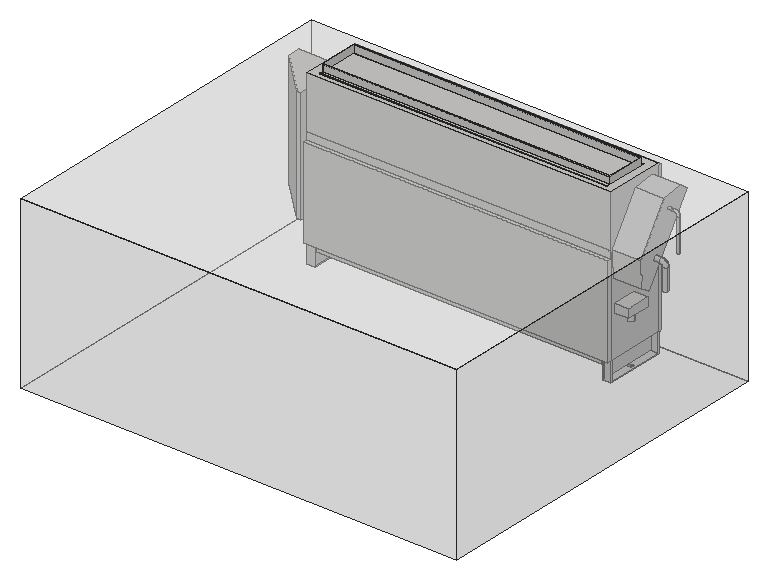
Revit family "outputfile", category 機械設備, Revit 2024
Family settings
  丸型コネクタ寸法 = 半径を使用
  パーツ タイプ = 標準
  OmniClass 番号 = 23.75.10.24.21.27.27
  OmniClass タイトル = Split System Air Conditioning Units
  作業面ベース = いいえ
  常に垂直 = はい
  ロード時にボイドで切り取り = いいえ
  注釈の向きを維持 = いいえ
  共有 = いいえ
  部屋計算ポイント = いいえ
Parameters (values of type "FXNQ63MAVE8")
  Description = ""
  製造元 = "Daikin"
  書き出し IFC クラス(タイプ) = "IfcUnitaryEquipmentType"
  定義済み IFC タイプ(タイプ) = "AIRCONDITIONINGUNIT"
  Cost = 0
  モデル = "FXNQ63MAVE8"
  Type Comments = ""
  Keynote = ""
  Type Image = (empty or 0)
  Assembly Code = ""
  w_hangerfixture = 0.0 mm
  w_dischargeflange = 984.0 mm
  w_body = 1040.0 mm
  r_Liquid Pipe Size = Liquid Pipe Size / 2  # 4.75 mm
  r_Gas Pipe Size = Gas Pipe Size / 2  # 7.95 mm
  w_mounting foot = 1230.0 mm
  r_Drain Pipe Size = Drain Pipe Size / 2  # 10.5 mm
  h_mountinghole = [h***] + 1.6 mm  # 1.6 mm
  lh_liquidpipe = 391.0 mm  # constant formula
  lh_gaspipe = 301.0 mm  # constant formula
  lh_drainpipe = 181.0 mm  # constant formula
  lh_antena = 583.4 mm  # constant formula
  ld_liquidpipe = 84.0 mm  # constant formula
  ld_gaspipe = 139.0 mm  # constant formula
  ld_drainpipe = 152.0 mm  # constant formula
  h*** = 0.0 mm  # constant formula
  w_front suction = 1001.0 mm
  d_pipe_2 = 27.3 mm  # constant formula
  d_pipe_1 = 47.6 mm  # constant formula
  d_pipe = 71.2 mm  # constant formula
  d_body = 206.0 mm  # constant formula
  Width = 1350.4 mm
  Voltage_comment_50Hz = "220-240"
  Voltage_50Hz = 220 V
  Version = "ver.1.0"
  Unit Type = "Concealed Floor Standing Type"
  Unit Mass Weight = 27.00 kg
  Unit Designation [instance] = ""
  Uniclass2015Version = "Products v1.30"
  Uniclass2015Title = "Variable refrigerant flow units"
  Uniclass2015Code = "Pr_70_65_03_94"
  URL = ""
  Total Heating Capacity [instance] = 0.000 kW
  Total Cooling Capacity [instance] = 0.000 kW
  Sound Pressure Level_M speed (dBA) = 0
  Sound Pressure Level_L speed (dBA) = 36
  Sound Pressure Level_H speed (dBA) = 41
  Sound Power Level_H speed (dB) = 0
  Series = "VRV Fan Coil Unit"
  Sensible Cooling Capacity [instance] = 0.000 kW
  SA Duct Size Width = w_dischargeflange - 2.0 mm  # 982.0 mm
  SA Duct Size Height = 130.0 mm  # constant formula
  Refrigerant Type = "R410A"
  Power Input (Heating) = 0.110 kW
  Power Input (Cooling) = 0.110 kW
  Phase_50Hz = 1
  Option Accessory 3 [instance] = ""
  Option Accessory 2 [instance] = ""
  Option Accessory 1 [instance] = ""
  Nominal Heating Capacity = 8.000 kW
  Nominal Cooling Capacity = 7.100 kW
  Minimum External Static Pressure = 0.00 Pa
  Minimum Circuit Amps_50Hz = 0.6 A
  Minimum Airflow = 720.00 m³/h
  Median Airflow = 0.00 m³/h
  Maximum Fuse Amps_50Hz = 15.0 A
  Maximum External Static Pressure = 0.00 Pa
  Maximum Airflow = 960.00 m³/h
  Material_Casing = DAIKIN_GalvanizedSteel_Casing_indoorunit
  Load Classification = HVAC
  Liquid Pipe Size = 9.5 mm
  Link_Nested Family [instance] = ""
  IfcVersion = "0"
  IfcExportType = "AIRCONDITIONINGUNIT"
  IfcExportAs = "IfcUnitaryEquipmentType"
  Height = 609.0 mm
  Heating Entering Wet Bulb Temperature [instance] = 0.00 °C
  Heating Entering Dry Bulb Temperature [instance] = 0.00 °C
  Heating Ambient Wet Bulb Temperature [instance] = 0.00 °C
  Heating Ambient Dry Bulb Temperature [instance] = 0.00 °C
  Heat Exchanger Type = "Cross Fin Coil"
  Gas Pipe Size = 15.9 mm
  Frequency_50Hz = 50 Hz
  Fan Type = "Sirocco Fan"
  Fan Drive = "Direct Drive"
  FCU Tag No. [instance] = ""
  Drain Pipe Size = 21.0 mm
  Design Supply Airflow [instance] = 0.00 m³/h
  Design External Static Pressure [instance] = 0.00 Pa
  Depth = 225.0 mm
  既定の高さ = 0.0 mm
  Cooling Entering Wet Bulb Temperature [instance] = 0.00 °C
  Cooling Entering Dry Bulb Temperature [instance] = 0.00 °C
  Cooling Ambient Wet Bulb Temperature [instance] = 0.00 °C
  Cooling Ambient Dry Bulb Temperature [instance] = 0.00 °C
  Clearance visibility [instance] = yes
  Clearance Top = 0.0 mm
  Clearance Right = 150.0 mm
  Clearance Rear = 20.0 mm
  Clearance Left = 0.0 mm
  Clearance Front = 1000.0 mm
  Clearance Bottom = 0.0 mm
Reference planes
  plane 1: y = 0
  plane 2: z = 0
  plane 3 "Center (Left/Right)": x = 0
  plane 4 "Center (Front/Back)": y = -103
  plane 5: y = -206
  plane 6: x = -520
  plane 7: x = 520
  plane 8: z = 584
  plane 9: z = 68
  plane 10 "Top": z = 609
  plane 11: z = 584
  plane 12: z = 0
  plane 13: x = -690
  plane 14: x = 804
  plane 15: y = -1218
  plane 16: y = 27
  plane 17 "Bottom": z = 0
  plane 18: x = -487
  plane 19: x = 489
  plane 20: x = -539
  plane 21 "Left": x = -690
  plane 22: z = 129
  plane 23: z = 518
  plane 24: z = 564.5
  plane 25: y = -32
  plane 26: x = 618.8
  plane 27 "ld_drainpipe": y = -152
  plane 28: z = 181
  plane 29: z = 301
  plane 30: z = 391
  plane 31: x = 547
  plane 32: x = 505
  plane 33: x = -505
  plane 34 "ld_liquidpipe": y = -84
  plane 35 "ld_gaspipe": y = -139
  plane 36: x = 654
  plane 37: z = 518.4
  plane 38: z = 388.6
  plane 39: x = 506.7
  plane 40: x = -506.7
  plane 41: x = -614.5
  plane 42: y = -42
  plane 43: y = -25.8
  plane 44 "Back": y = 7
  plane 45: y = -207
  plane 46 "Front": y = -218
  plane 47 "Right": x = 660.4
Forms (mm)
  Extrusion 1, solid, material "DAIKIN_GalvanizedSteel_Casing_indoorunit" <- "Material_Casing"
    sketch origin (0, 0, 0) x (1, 0, 0) y (0, 1, 0)
      loop
        line (-520, 0) -> (-520, -206) -> (520, -206) -> (520, 0) -> (-520, 0)
    from 68 to 584
  Extrusion 2, solid, material "DAIKIN_GalvanizedSteel_Casing_indoorunit" <- "Material_Casing"
    sketch origin (520, -206, 0) x (-1, 0, 0) y (0, 0, -1)
      loop
        line (1040, -404) -> (1040, -380) -> (0, -380) -> (0, -404) -> (1040, -404)
    from 0 to 1
  Extrusion 3, solid, material "DAIKIN_GalvanizedSteel_Casing_indoorunit" <- "Material_Casing"
    sketch origin (520, -206, 0) x (-1, 0, 0) y (0, 0, -1)
      loop
        line (1040, -380) -> (1040, -68) -> (0, -68) -> (0, -380) -> (1040, -380)
    from 0 to 12
  Extrusion 4, solid, material "DAIKIN_GalvanizedSteel_Casing_indoorunit" <- "Material_Casing"
    sketch origin (0, 0, 68) x (0, 1, 0) y (1, 0, 0)
      loop
        line (0, -487) -> (0, 489) -> (-206, 489) -> (-206, -487) -> (0, -487)
    from 0 to 19.6
  Extrusion 5, solid, material "DAIKIN_GalvanizedSteel_Casing_indoorunit" <- "Material_Casing"
    sketch origin (-520, -206, 0) x (0, 1, 0) y (0, 0, -1)
      loop
        circle (103, -448.5) r 12.5
      loop
        circle (103, -243.5) r 12.5
    from 0 to 19
  Extrusion 6, solid, material "DAIKIN_GalvanizedSteel_Casing_indoorunit" <- "Material_Casing"
    sketch origin (0, 0, 68) x (-1, 0, 0) y (0, -1, 0)
      loop
        line (690, 25.8) -> (690, 71.25) -> (555.25, 206) -> (539, 206) -> (539, 25.8) -> (690, 25.8)
    from 61 to 450
  Extrusion 7, solid, material "DAIKIN_GalvanizedSteel_Casing_indoorunit" <- "Material_Casing"
    sketch origin (520, 0, 0) x (0, -1, 0) y (0, 0, -1)
      loop
        line (5.208, -545.14) -> (32, -564.5) -> (104, -554.5) -> (202.913, -407.529) -> (197.289, -319.3) -> (168.604, -299.952) -> (5.208, -545.14)
    from 0 to 98.8
  Extrusion 8, solid, material "DAIKIN_GalvanizedSteel_Casing_indoorunit" <- "Material_Casing"
    sketch origin (520, 0, 0) x (0, -1, 0) y (0, 0, -1)
      loop
        line (192.5, -240) -> (192.5, -210) -> (111.5, -210) -> (111.5, -240) -> (192.5, -240)
    from 0 to 50
  Extrusion 9, solid, material "DAIKIN_GalvanizedSteel_Casing_indoorunit" <- "Material_Casing"
    sketch origin (520, -111.5, 210) x (-1, 0, 0) y (0, 1, 0)
      loop
        circle (-27, -40.5) r 10.5
    from 0 to 29
  Sweep 10, solid, material "DAIKIN_GalvanizedSteel_Casing_indoorunit" <- "Material_Casing"
    path origin (0, -84, 0) x (0, 0, 1) y (1, 0, 0)
      loop
        line (518.4, 618.8) -> (518.4, 641)
        arc (518.4, 641) -> (514.592, 650.192) -> (505.4, 654) r 13
        line (505.4, 654) -> (391, 654)
    profile origin (629.9, -84, 518.4) x (0, 0, -1) y (0, 1, 0)
      loop
        circle (0, 0) r 3.2
  Sweep 11, solid, material "DAIKIN_GalvanizedSteel_Casing_indoorunit" <- "Material_Casing"
    path origin (0, -139, 0) x (0, 0, 1) y (1, 0, 0)
      loop
        line (388.6, 618.8) -> (388.6, 641)
        arc (388.6, 641) -> (384.792, 650.192) -> (375.6, 654) r 13
        line (375.6, 654) -> (301, 654)
    profile origin (629.9, -139, 388.6) x (0, 0, -1) y (0, 1, 0)
      loop
        circle (0, 0) r 7.95
  Extrusion 12, void
    sketch origin (4267.2, 7, -304.8) x (0, 0, 1) y (1, 0, 0)
      loop
        line (552.8, -4778.2) -> (552.8, -4766.2) -> (522.8, -4766.2) -> (522.8, -4778.2) -> (552.8, -4778.2)
      loop
        line (552.8, -3768.2) -> (552.8, -3756.2) -> (522.8, -3756.2) -> (522.8, -3768.2) -> (552.8, -3768.2)
    from 0 to -5
  Extrusion 13, void
    sketch origin (4267.2, 7, -304.8) x (0, 0, 1) y (1, 0, 0)
      loop
        line (744.8, -4778.2) -> (744.8, -4766.2) -> (714.8, -4766.2) -> (714.8, -4778.2) -> (744.8, -4778.2)
      loop
        line (744.8, -3768.2) -> (744.8, -3756.2) -> (714.8, -3756.2) -> (714.8, -3768.2) -> (744.8, -3768.2)
    from 0 to -5
  Extrusion 14, solid, material "DAIKIN_GalvanizedSteel_Casing_indoorunit" <- "Material_Casing"
    sketch origin (0, 0, 0) x (0, 1, 0) y (0, 0, 1)
      loop
        line (0, 584) -> (0, 62.5) -> (7, 70.007) -> (7, 576.493) -> (0, 584)
    from -520 to 520
Cuts and joins
  Extrusion 12, Extrusion 13 cuts Extrusion 1
  Extrusion 12 cuts Extrusion 3
  Extrusion 12, Extrusion 13 cuts Extrusion 14
Dimensions and locks
  "d_body": plane 1 to plane 5
  equal spacing: plane 5, plane 4 "Center (Front/Back)", plane 1
  "w_body": plane 6 to plane 7
  equal spacing: plane 6, plane 3 "Center (Left/Right)", plane 7
  "Clearance Top": plane 11 to plane 8
  locked: plane 10 "Top" to plane 8 at 25
  "h***": plane 17 "Bottom" to plane 2
  "Height": plane 10 "Top" to plane 17 "Bottom"
  locked: plane 8 to plane 9 at 516
  "Clearance Bottom": plane 17 "Bottom" to plane 12
  locked: Extrusion 2 sketch curve to Extrusion 2 sketch curve at 24
  locked: Extrusion 2 sketch curve to plane 9 at 312
  locked: plane 6 to plane 18 at 33
  locked: plane 19 to plane 7 at 31
  plane 18 to plane 19 = 976.0 mm
  locked: Extrusion 5 sketch curve to plane 9 at 175.5
  locked: Extrusion 5 sketch curve to Extrusion 5 sketch curve at 205
  locked: plane 6 to plane 20 at 19
  plane 23 to plane 22 to plane 17 "Bottom" = 389.0 mm locked, 129.0 mm locked
  locked: plane 21 "Left" to plane 6 at 170
  locked: plane 10 "Top" to plane 24 at 44.5
  locked: plane 5 to plane 25 at 174
  locked: plane 7 to plane 26 at 98.8
  locked: Extrusion 8 sketch curve to Extrusion 8 sketch curve at 30
  locked: Extrusion 8 sketch curve to Extrusion 8 sketch curve at 81
  locked: Extrusion 8 sketch curve to plane 17 "Bottom" at 240
  locked: plane 27 "ld_drainpipe" to Extrusion 8 sketch curve at 40.5
  "lh_drainpipe": plane 28 to plane 17 "Bottom"
  "lh_gaspipe": plane 29 to plane 17 "Bottom"
  "lh_liquidpipe": plane 30 to plane 17 "Bottom"
  locked: plane 33 to plane 6 at 15
  locked: plane 7 to plane 32 at 15
  locked: plane 31 to plane 32 at 42
  locked: plane 36 to plane 7 at 134
  locked: plane 10 "Top" to plane 37 at 90.6
  locked: plane 10 "Top" to plane 38 at 220.4
  locked: plane 6 to plane 40 at 13.3
  locked: plane 39 to plane 7 at 13.3
  equal spacing: plane 32, plane 3 "Center (Left/Right)", plane 33
  plane 32 to plane 33 = 1010.0 mm
  locked: Extrusion 12 sketch curve to Extrusion 12 sketch curve at 30  (x2)
  locked: Extrusion 12 sketch curve to Extrusion 12 sketch curve at 12  (x2)
  locked: Extrusion 12 sketch curve to plane 33 at 6
  locked: Extrusion 12 sketch curve to plane 17 "Bottom" at 218  (x2)
  locked: plane 32 to Extrusion 12 sketch curve at 6
  locked: Extrusion 13 sketch curve to Extrusion 13 sketch curve at 12  (x2)
  locked: Extrusion 13 sketch curve to Extrusion 13 sketch curve at 30  (x2)
  locked: Extrusion 13 sketch curve to plane 33 at 6
  locked: plane 32 to Extrusion 13 sketch curve at 6
  locked: Extrusion 13 sketch curve to plane 17 "Bottom" at 410  (x2)
  locked: plane 21 "Left" to plane 41 at 75.5
  locked: plane 42 to plane 1 at 42
  locked: plane 43 to plane 5 at 180.2
  locked: Extrusion 6 sketch curve to plane 20 at 16.25
  locked: plane 43 to Extrusion 6 sketch curve at 45.45
  locked: plane 1 to plane 44 "Back" at 7
  "ld_liquidpipe": plane 34 "ld_liquidpipe" to plane 1
  "ld_gaspipe": plane 35 "ld_gaspipe" to plane 1
  "ld_drainpipe": plane 27 "ld_drainpipe" to plane 1
  locked: plane 5 to plane 45 at 1
  plane 5 to plane 46 "Front" = 12.0 mm
  locked: plane 9 to Extrusion 14 sketch curve at 5.5
  "Width": plane 21 "Left" to plane 47 "Right"
  "Depth": plane 46 "Front" to plane 44 "Back"
  "Clearance Left": plane 21 "Left" to plane 13
  "Clearance Right": plane 36 to plane 14
  "Clearance Rear": plane 44 "Back" to plane 16
  "Clearance Front": plane 46 "Front" to plane 15
  "Drain Pipe Size": diameter of Extrusion 9 sketch curve
  "Gas Pipe Size": diameter of Sweep 11 sketch curve
  locked: Extrusion 6 sketch curve to Extrusion 6 sketch curve (angle 45.00°)
  locked: Extrusion 14 sketch curve to cut or joined group of Extrusion 1, Extrusion 12, Extrusion 13 (angle 43.00°)
  locked: cut or joined group of Extrusion 1, Extrusion 12, Extrusion 13 to Extrusion 14 sketch curve (angle 43.00°)
  aligned and locked: level to plane 2
  aligned and locked: plane 1 to Extrusion 1 sketch curve
  aligned and locked: plane 6 to Extrusion 1 sketch curve
  aligned and locked: plane 5 to Extrusion 1 sketch curve
  aligned and locked: Extrusion 1 sketch curve to plane 7
  aligned and locked: plane 8 to Extrusion 1
  aligned and locked: Extrusion 1 to plane 9
  aligned and locked: nested 1 to plane 4 "Center (Front/Back)"
  aligned and locked: plane 4 "Center (Front/Back)" to nested 2
  aligned and locked: plane 8 to nested 3
  aligned and locked: nested 3 to plane 10 "Top"
  aligned and locked: plane 3 "Center (Left/Right)" to nested 3
  aligned and locked: nested 4 to plane 16
  aligned and locked: nested 4 to plane 15
  aligned and locked: plane 11 to nested 4
  aligned and locked: plane 12 to nested 4
  aligned and locked: plane 13 to nested 4
  aligned and locked: plane 14 to nested 4
  aligned and locked: nested 5 to plane 4 "Center (Front/Back)"
  aligned and locked: nested 6 to plane 4 "Center (Front/Back)"
  aligned and locked: nested 2 to plane 6
  aligned and locked: nested 1 to plane 7
  aligned and locked: plane 6 to Extrusion 2 sketch curve
  aligned and locked: Extrusion 2 sketch curve to plane 7
  aligned and locked: plane 6 to Extrusion 3 sketch curve
  aligned and locked: Extrusion 3 sketch curve to plane 7
  aligned and locked: Extrusion 3 sketch curve to Extrusion 2
  aligned and locked: plane 9 to Extrusion 3 sketch curve
  aligned and locked: plane 1 to Extrusion 4 sketch curve
  aligned and locked: plane 5 to Extrusion 4 sketch curve
  aligned and locked: plane 18 to Extrusion 4 sketch curve
  aligned and locked: Extrusion 4 sketch curve to plane 19
  aligned and locked: plane 4 "Center (Front/Back)" to Extrusion 5 sketch curve  (x2)
  aligned and locked: Extrusion 5 to plane 20
  aligned and locked: plane 21 "Left" to Extrusion 6 sketch curve
  aligned and locked: Extrusion 6 sketch curve to plane 20
  aligned and locked: plane 23 to Extrusion 6
  aligned and locked: Extrusion 6 to plane 22
  aligned and locked: plane 26 to Extrusion 7
  aligned and locked: plane 25 to Extrusion 7 sketch curve
  aligned and locked: plane 24 to Extrusion 7 sketch curve
  aligned and locked: plane 31 to Extrusion 9 sketch curve
  aligned and locked: plane 27 "ld_drainpipe" to Extrusion 9 sketch curve
  aligned and locked: Extrusion 9 to plane 28
  aligned and locked: plane 36 to Sweep 10 sketch curve
  aligned and locked: Sweep 10 sketch curve to plane 37
  aligned and locked: plane 30 to Sweep 10 sketch curve
  aligned and locked: plane 26 to Sweep 10 sketch curve
  aligned and locked: plane 29 to Sweep 11 sketch curve
  aligned and locked: plane 26 to Sweep 11 sketch curve
  aligned and locked: Sweep 11 sketch curve to plane 38
  aligned and locked: plane 36 to Sweep 11 sketch curve
  aligned and locked: nested 5 to plane 39
  aligned and locked: plane 40 to nested 6
  aligned and locked: nested 7 to plane 28
  aligned and locked: plane 9 to nested 1
  aligned and locked: nested 2 to plane 9
  aligned and locked: plane 31 to nested 7
  aligned and locked: nested 8 to plane 29
  aligned and locked: nested 8 to plane 36
  aligned and locked: nested 9 to plane 30
  aligned and locked: nested 9 to plane 36
  aligned and locked: nested 10 to plane 22
  aligned and locked: nested 10 to plane 41
  aligned and locked: plane 4 "Center (Front/Back)" to nested 10
  aligned and locked: nested 3 to plane 42
  aligned and locked: Extrusion 6 sketch curve to plane 43
  aligned and locked: Extrusion 6 sketch curve to plane 5
  aligned and locked: plane 11 to Extrusion 14 sketch curve
  aligned and locked: Extrusion 14 to plane 6
  aligned and locked: plane 7 to Extrusion 14
  aligned and locked: nested 9 to plane 34 "ld_liquidpipe"
  aligned and locked: nested 8 to plane 35 "ld_gaspipe"
  aligned and locked: nested 7 to plane 27 "ld_drainpipe"
  aligned and locked: Extrusion 2 to plane 45
  aligned and locked: cut or joined group of Extrusion 3, Extrusion 12 to plane 46 "Front"
  aligned and locked: Extrusion 14 sketch curve to plane 44 "Back"
Automatic sketch dimensions
  Extrusion 1 sketch curve to plane 5 = 0.0 mm
  Extrusion 1 to Extrusion 7 sketch curve = 5.208 mm
  Extrusion 1 to Extrusion 7 sketch curve = 29.5 mm
  Extrusion 7 sketch curve to Extrusion 7 sketch curve = 72.0 mm
  Extrusion 1 to Extrusion 7 sketch curve = 37.396 mm
  Extrusion 1 to Extrusion 7 sketch curve = 8.711 mm
  Extrusion 1 to Extrusion 7 sketch curve = 3.087 mm
  Extrusion 7 sketch curve to Extrusion 7 sketch curve = 19.36 mm
  Extrusion 1 to Extrusion 7 sketch curve = 176.471 mm
  Extrusion 7 sketch curve to Extrusion 7 sketch curve = 88.229 mm
  Extrusion 7 sketch curve to Extrusion 7 sketch curve = 19.348 mm
  Sweep 10 sketch curve to profile plane = 0.0 mm  (x2)
  Sweep 10 sketch curve to plane 23 = 12.6 mm
  Sweep 11 sketch curve to plane 38 = 13.0 mm
  Extrusion 14 sketch curve to plane 1 = 0.0 mm
  Sweep 11 sketch curve to plane 35 "ld_gaspipe" = 0.0 mm
  Sweep 11 sketch curve to profile plane = 0.0 mm
  radius of Extrusion 5 sketch curve = 12.5 mm  (x2)
  radius of Sweep 10 sketch curve = 3.2 mm
Nested families
  nested 1: "daikin_hangerfixture_FXNQ-MAVE8" at (520, -103, 68) x (0, -1, 0) z (0, 0, 1), type "daikin_hangerfixture_FXNQ-MAVE8"
  nested 2: "daikin_hangerfixture_FXNQ-MAVE8" at (-520, -103, 68) x (0, -1, 0) z (0, 0, 1), type "daikin_hangerfixture_FXNQ-MAVE8"
  nested 3: "daikin_ductflange_FXNQ-MAVE8" at (0, -186.5, 584) x (1, 0, 0) z (0, 1, 0), width <- "w_dischargeflange", material <- "Material_Casing", type "daikin_ductflange_FXNQ-MAVE8"
    with width 984.0 mm, material DAIKIN_GalvanizedSteel_Casing_indoorunit, height 157.0 mm, depth 25.0 mm
  nested 4: "daikin_clearancespace" at (57, -595.5, 292.119), visible <- "Clearance visibility", show <- "Clearance visibility", Link_Nested Family <- "Link_Nested Family", type "daikin_clearancespace"
    with width 1494.0 mm, show yes, height 584.0 mm, depth 1245.0 mm, Link_Nested Family ""
  nested 5: "daikin_mountinghole" at (506.7, -103, 0), Link_Nested Family <- "Link_Nested Family", h_mountinghole <- "h_mountinghole", l_antenna <- "lh_antena", type "daikin_mountinghole"
    with show yes, l_antenna 583.4 mm, h_mountinghole 1.6 mm, Link_Nested Family ""
  nested 6: "daikin_mountinghole" at (-506.7, -103, 0), Link_Nested Family <- "Link_Nested Family", h_mountinghole <- "h_mountinghole", l_antenna <- "lh_antena", type "daikin_mountinghole"
    with show yes, l_antenna 583.4 mm, h_mountinghole 1.6 mm, Link_Nested Family ""
  nested 7: "daikin_connector_rotate2" at (547, -152, 210) x (1, 0, 0) z (0, -1, 0), radius <- "r_Drain Pipe Size", type "daikin_connector_rotate2"
    with radius 10.5 mm, length 29.0 mm, angle_vertical 90.00°, show_face no
  nested 8: "daikin_connector_rotate2" at (654, -139, 381) x (1, 0, 0) z (0, -1, 0), radius <- "r_Gas Pipe Size", type "daikin_connector_rotate2"
    with radius 7.95 mm, length 80.0 mm, angle_vertical 90.00°, show_face no
  nested 9: "daikin_connector_rotate2" at (654, -84, 491) x (1, 0, 0) z (0, -1, 0), radius <- "r_Liquid Pipe Size", type "daikin_connector_rotate2"
    with radius 4.75 mm, length 100.0 mm, angle_vertical 90.00°, show_face no
  nested 10: "daikin_connector_rotate2" at (-614.5, -103, 229) x (1, 0, 0) z (0, -1, 0), type "daikin_connector_rotate2"
    with radius 10.0 mm, length 100.0 mm, angle_vertical 90.00°, show_face no
Connectors
  hvac at (0, -108, 609), driven by "SA Duct Size Height", driven by "SA Duct Size Width"
    settings: on nested 3, index 1, duct flow 0.00 m³/h, flow factor 0, pres drop 0.00 Pa, loss coef 0, conn angle 0.00°, conn width 982.0 mm, conn height 130.0 mm, conn diameter 609.6 mm, duct sys type 1, conn prof type 1, flow config 0, flow direction 2, loss method 4, conn ref index -1, conn util no, is conn primary yes, conn desc "SA Duct"
  electrical at (-614.5, -103, 129), driven by "Load Classification"
    settings: on nested 10, index 5, voltage 0 V, apparent load 0 VA, apparent load phase1 0 VA, apparent load phase2 0 VA, apparent load phase3 0 VA, power factor 1, load classification "HVAC", number of poles 1, system type 30, power factor state 1, is connector primary yes, connector utility no, sub classification motor no, connector description "Power Supply"
  piping at (654, -84, 391), diameter 9.5, driven by "r_Liquid Pipe Size"
    settings: on Sweep 10, index 6, connector inside diameter 609.6 mm, connector length 0.0 mm, flow factor 0, pipe flow 0.00 m³/h, pressure drop 0.0 Pa, fitting loss kfactor 0, connector angle 0.00°, fixture units 0, engagement length 0.0 mm, angle of deflection 0.00°, flow configuration 1, flow direction 1, fitting loss method 0, system type 29, joint type 0, gender type 0, connector reference index -1, connector utility 0, adjustable connector no, is connector primary yes, connector description "Refrigerant Liquid Piping"
  piping at (654, -139, 301), diameter 15.9, driven by "r_Gas Pipe Size"
    settings: on Sweep 11, index 7, connector inside diameter 609.6 mm, connector length 0.0 mm, flow factor 0, pipe flow 0.00 m³/h, pressure drop 0.0 Pa, fitting loss kfactor 0, connector angle 0.00°, fixture units 0, engagement length 0.0 mm, angle of deflection 0.00°, flow configuration 1, flow direction 2, fitting loss method 0, system type 29, joint type 0, gender type 0, connector reference index -1, connector utility 0, adjustable connector no, is connector primary no, connector description "Refrigerant Gas Piping"
  piping at (547, -152, 181), diameter 21, driven by "r_Drain Pipe Size"
    settings: on Extrusion 9, index 8, connector inside diameter 609.6 mm, connector length 0.0 mm, flow factor 0, pipe flow 0.00 m³/h, pressure drop 0.0 Pa, fitting loss kfactor 0, connector angle 0.00°, fixture units 0, engagement length 0.0 mm, angle of deflection 0.00°, flow configuration 1, flow direction 2, fitting loss method 4, system type 16, joint type 0, gender type 0, connector reference index -1, connector utility 0, adjustable connector no, is connector primary no, connector description "Condensate Drain Piping"
Definition of nested family "daikin_hangerfixture_FXNQ-MAVE8"
  Parameters (values of type "daikin_hangerfixture_FXNQ-A2VEB")
    width = 202.0 mm
    material = none
    height = 68.0 mm
    depth = 28.2 mm
    Default Elevation = 0.0 mm
  Reference planes
    plane 1 "Center (Front/Back)": y = 0
    plane 2: z = 0
    plane 3 "Center (Left/Right)": x = 0
    plane 4: y = -28.2
    plane 5: x = -101
    plane 6: x = 101
    plane 7: z = -68
    plane 8: x = 99.4
    plane 9: x = -99.4
  Forms (mm)
    Extrusion 1, solid, material <- "material"
      sketch origin (0, 0, 0) x (0, 1, 0) y (0, 0, 1)
        loop
          line (-26.6, 0) -> (-28.2, 0) -> (-28.2, -66.4)
          arc (-28.2, -66.4) -> (-27.731, -67.531) -> (-26.6, -68) r 1.6
          line (-26.6, -68) -> (0, -68) -> (0, -66.4) -> (-26.6, -66.4) -> (-26.6, 0)
      from -101 to 101
    Extrusion 2, solid, material <- "material"
      sketch origin (0, 0, 0) x (0, 1, 0) y (0, 0, 1)
        loop
          line (-26.6, -66.4) -> (0, -66.4) -> (0, 0) -> (-26.6, 0) -> (-26.6, -66.4)
      from 99.4 to 101
    Extrusion 3, solid, material <- "material"
      sketch origin (-265, -1.4, 0) x (0, 1, 0) y (0, 0, 1)
        loop
          line (-25.2, -66.4) -> (1.4, -66.4) -> (1.4, 0) -> (-25.2, 0) -> (-25.2, -66.4)
      from 164 to 165.6
    Extrusion 4, void
      sketch origin (0, 0, -66.4) x (1, 0, 0) y (0, -1, 0)
        loop
          circle (0, 13.3) r 7.5
      from -24.55 to 101.68
  Cuts and joins
    Extrusion 4 cuts Extrusion 1
    Extrusion 4 cuts Extrusion 2
    Extrusion 4 cuts Extrusion 3
    joined: Extrusion 1, Extrusion 2, Extrusion 3
  Dimensions and locks
    "width": plane 5 to plane 6
    "depth": plane 4 to plane 1 "Center (Front/Back)"
    equal spacing: plane 5, plane 3 "Center (Left/Right)", plane 6
    "height": level to plane 7
    locked: plane 8 to plane 6 at 1.6
    locked: plane 5 to plane 9 at 1.6
    plane 4 to Extrusion 1 sketch curve = 1.6 mm
    locked: Extrusion 4 sketch curve to plane 1 "Center (Front/Back)" at 13.3
    diameter of Extrusion 4 sketch curve = 15.0 mm
    aligned and locked: level to plane 2
    aligned and locked: Extrusion 1 to plane 5
    aligned and locked: plane 6 to Extrusion 1
    aligned and locked: Extrusion 1 to plane 1 "Center (Front/Back)"
    aligned and locked: plane 6 to Extrusion 2
    aligned and locked: Extrusion 2 to plane 8
    aligned and locked: Extrusion 3 to plane 5
    aligned and locked: plane 9 to Extrusion 3
    aligned and locked: plane 1 "Center (Front/Back)" to Extrusion 3 sketch curve
    aligned and locked: plane 1 "Center (Front/Back)" to Extrusion 2 sketch curve
    aligned and locked: Extrusion 1 sketch curve to plane 4
    aligned and locked: Extrusion 3 sketch curve to Extrusion 1
    aligned and locked: Extrusion 3 sketch curve to plane 2
    aligned and locked: Extrusion 2 sketch curve to Extrusion 1
    aligned and locked: plane 2 to Extrusion 2 sketch curve
    aligned and locked: plane 3 "Center (Left/Right)" to Extrusion 4 sketch curve
  Automatic sketch dimensions
    Extrusion 1 sketch curve to level = 0.0 mm
    Extrusion 1 sketch curve to plane 7 = 0.0 mm
    Extrusion 1 sketch curve to plane 1 "Center (Front/Back)" = 0.0 mm
    Extrusion 1 sketch curve to Extrusion 1 sketch curve = 0.0 mm  (x2)
    plane 7 to Extrusion 3 sketch curve = 1.6 mm
    plane 7 to Extrusion 2 sketch curve = 1.6 mm
Definition of nested family "daikin_ductflange_FXNQ-MAVE8"
  Parameters (values of type "daikin_ductflange_FXNQ-MAVE8")
    width [instance] = 662.0 mm
    material [instance] = none
    height [instance] = 157.0 mm
    depth [instance] = 25.0 mm
    Default Elevation = 0.0 mm
  Reference planes
    plane 1 "Center (Front/Back)": y = 0
    plane 2: z = 0
    plane 3 "Center (Left/Right)": x = 0
    plane 4: y = -25
    plane 5: x = -331
    plane 6: x = 331
    plane 7 "Top": z = 157
    plane 8: y = -1
    plane 9: z = 143.5
    plane 10: z = 13.5
    plane 11 "Center (Elevation)": z = 78.5
    plane 12: x = -330
    plane 13: x = 330
  Forms (mm)
    Extrusion 1, solid, material <- "material"
      sketch origin (0, 0, 0) x (1, 0, 0) y (0, 0, 1)
        loop
          line (-331, 157) -> (-331, 0) -> (331, 0) -> (331, 157) -> (-331, 157)
        loop
          line (-330, 143.5) -> (-330, 13.5) -> (330, 13.5) -> (330, 143.5) -> (-330, 143.5)
      from 0 to 1
    Extrusion 2, solid, material <- "material"
      sketch origin (0, 0, 0) x (1, 0, 0) y (0, 1, 0)
        loop
          line (-331, -1) -> (-331, -25) -> (-330, -25) -> (-330, -1) -> (-331, -1)
        loop
          line (330, -1) -> (330, -25) -> (331, -25) -> (331, -1) -> (330, -1)
      from 13.5 to 143.5
    Extrusion 3, solid, material <- "material"
      sketch origin (0, 0, 0) x (0, 1, 0) y (0, 0, 1)
        loop
          line (-1, 143.5) -> (-1, 144.5) -> (-25, 144.5) -> (-25, 143.5) -> (-1, 143.5)
        loop
          line (-1, 13.5) -> (-25, 13.5) -> (-25, 12.5) -> (-1, 12.5) -> (-1, 13.5)
      from -331 to 331
  Cuts and joins
    joined: Extrusion 1, Extrusion 2, Extrusion 3
  Dimensions and locks
    "height": plane 7 "Top" to plane 2
    "width": plane 5 to plane 6
    equal spacing: plane 5, plane 3 "Center (Left/Right)", plane 6
    "depth": plane 1 "Center (Front/Back)" to plane 4
    locked: plane 8 to plane 1 "Center (Front/Back)" at 1
    equal spacing: plane 7 "Top", plane 11 "Center (Elevation)", plane 2
    locked: Extrusion 3 sketch curve to Extrusion 2 at 1  (x2)
    locked: plane 12 to plane 5 at 1
    locked: plane 6 to plane 13 at 1
    plane 9 to plane 11 "Center (Elevation)" to plane 10 = 65.0 mm locked, 65.0 mm locked
    aligned and locked: level to plane 2
    aligned and locked: Extrusion 1 sketch curve to plane 7 "Top"
    aligned and locked: plane 5 to Extrusion 1 sketch curve
    aligned and locked: Extrusion 1 sketch curve to plane 6
    aligned and locked: plane 2 to Extrusion 1 sketch curve
    aligned and locked: Extrusion 1 to plane 8
    aligned and locked: plane 9 to Extrusion 2
    aligned and locked: Extrusion 2 to plane 10
    aligned and locked: plane 8 to Extrusion 3 sketch curve
    aligned and locked: Extrusion 3 sketch curve to plane 9
    aligned and locked: Extrusion 3 sketch curve to plane 8
    aligned and locked: Extrusion 3 sketch curve to plane 10
    aligned and locked: Extrusion 3 to plane 5
    aligned and locked: plane 6 to Extrusion 3
    aligned and locked: plane 4 to Extrusion 3 sketch curve
    aligned and locked: Extrusion 3 sketch curve to plane 4
    aligned and locked: plane 5 to Extrusion 2 sketch curve
    aligned and locked: Extrusion 2 sketch curve to plane 12
    aligned and locked: Extrusion 2 sketch curve to plane 6
    aligned and locked: plane 13 to Extrusion 2 sketch curve
    aligned and locked: Extrusion 2 sketch curve to plane 8
    aligned and locked: plane 4 to Extrusion 2 sketch curve
    aligned and locked: plane 12 to Extrusion 1 sketch curve
    aligned and locked: Extrusion 1 sketch curve to plane 13
    aligned and locked: Extrusion 1 sketch curve to plane 9
    aligned and locked: plane 10 to Extrusion 1 sketch curve
  Automatic sketch dimensions
    Extrusion 2 sketch curve to plane 4 = 0.0 mm
    Extrusion 2 sketch curve to plane 8 = 0.0 mm
Definition of nested family "daikin_clearancespace"
  Parameters (values of type "daikin_clearancespace")
    width [instance] = 1823.963 mm
    show [instance] = yes
    material = none
    height [instance] = 1359.762 mm
    depth [instance] = 880.0 mm
    Default Elevation = 0.0 mm
    Link_Nested Family [instance] = ""
  Reference planes
    plane 1 "Center (Front/Back)": y = 0
    plane 2 "Center (Elevation)": z = -0.119
    plane 3 "Center (Left/Right)": x = 0
    plane 4: y = 440
    plane 5: y = -440
    plane 6 "Right": x = 911.982
    plane 7 "Left": x = -911.982
    plane 8 "Top": z = 679.762
    plane 9 "Bottom": z = -680
  Forms (mm)
    Extrusion 1, solid, material <- "material", visible <- "show"
      sketch origin (0, 0, 0) x (1, 0, 0) y (0, 1, 0)
        loop
          line (-911.982, 440) -> (-911.982, -440) -> (911.982, -440) -> (911.982, 440) -> (-911.982, 440)
      from -680 to 679.762
  Lines and regions (mm)
    symbolic lines, visible <- "show"
      curve 1: line (911.982, 440, 0) -> (-911.982, 440, 0)
      curve 2: line (-911.982, 440, 0) -> (-911.982, -440, 0)
      curve 3: line (-911.982, -440, 0) -> (911.982, -440, 0)
      curve 4: line (911.982, -440, 0) -> (911.982, 440, 0)
      curve 5: line (911.982, 0, 679.762) -> (-911.982, 0, 679.762)
      curve 6: line (911.982, 0, -680) -> (911.982, 0, 679.762)
      curve 7: line (-911.982, 0, -680) -> (911.982, 0, -680)
      curve 8: line (-911.982, 0, 679.762) -> (-911.982, 0, -680)
      curve 9: line (0, 440, 679.762) -> (0, -440, 679.762)
      curve 10: line (0, -440, 679.762) -> (0, -440, -680)
      curve 11: line (0, 440, -680) -> (0, 440, 679.762)
      curve 12: line (0, -440, -680) -> (0, 440, -680)
  Dimensions and locks
    "width": plane 7 "Left" to plane 6 "Right"
    "depth": plane 4 to plane 5
    "height": plane 8 "Top" to plane 9 "Bottom"
    equal spacing: plane 7 "Left", plane 3 "Center (Left/Right)", plane 6 "Right"
    equal spacing: plane 4, plane 1 "Center (Front/Back)", plane 5
    equal spacing: plane 8 "Top", plane 2 "Center (Elevation)", plane 9 "Bottom"
    aligned and locked: level to plane 2 "Center (Elevation)"
    aligned and locked: Extrusion 1 sketch curve to plane 4
    aligned and locked: plane 7 "Left" to Extrusion 1 sketch curve
    aligned and locked: Extrusion 1 sketch curve to plane 5
    aligned and locked: Extrusion 1 sketch curve to plane 6 "Right"
    aligned and locked: plane 8 "Top" to Extrusion 1
    aligned and locked: curve 1 to Extrusion 1
    aligned and locked: curve 2 to Extrusion 1
    aligned and locked: curve 3 to Extrusion 1
    aligned and locked: curve 4 to Extrusion 1
    aligned and locked: curve 5 to Extrusion 1
    aligned and locked: curve 6 to Extrusion 1
    aligned and locked: curve 7 to Extrusion 1
    aligned and locked: curve 8 to Extrusion 1
    aligned and locked: curve 9 to Extrusion 1
    aligned and locked: curve 10 to Extrusion 1
    aligned and locked: curve 11 to Extrusion 1
    aligned and locked: curve 12 to Extrusion 1
    aligned and locked: Extrusion 1 to plane 9 "Bottom"
Definition of nested family "daikin_mountinghole"
  Parameters (values of type "daikin_mountinghole")
    Default Elevation = 1219.2 mm
    Type Comments = "mountinghole"
    show [instance] = yes
    material = none
    l_centerline = 100.0 mm
    l_antenna [instance] = 100.0 mm
    h_mountinghole [instance] = 0.0 mm
    d_circle = 30.0 mm
    Link_Nested Family [instance] = ""
  Reference planes
    plane 1 "Center (Front/Back)": y = 0
    plane 2: z = 0
    plane 3 "Center (Left/Right)": x = 0
    plane 4: y = 50
    plane 5: x = -50
    plane 6: x = 50
    plane 7: y = -50
    plane 8 "h_mountinghole": z = 0
    plane 9: z = 100
  Lines and regions (mm)
    model lines, detail levels fine
      curve 1: circle (0, 0, 0) r 15 normal (0, 0, 1)
      curve 2: line (-50, 0, 0) -> (50, 0, 0)
      curve 3: line (0, 50, 0) -> (0, -50, 0)
    symbolic lines, detail levels fine
      curve 4: circle (0, 0, 0) r 15 normal (0, 0, 1)
      curve 5: line (-50, 0, 0) -> (50, 0, 0)
      curve 6: line (0, 50, 0) -> (0, -50, 0)
    model lines
      curve 7: line (0, 0, 100) -> (0, 0, 0)
  Dimensions and locks
    equal spacing: plane 4, plane 1 "Center (Front/Back)", plane 7
    "l_centerline": plane 4 to plane 7
    equal spacing: plane 5, plane 3 "Center (Left/Right)", plane 6
    "l_centerline": plane 5 to plane 6
    "l_antenna": plane 9 to plane 8 "h_mountinghole"
    "h_mountinghole": plane 8 "h_mountinghole" to plane 2
    "d_circle": diameter of curve 1
    "d_circle": diameter of curve 4
    aligned and locked: level to plane 2
    aligned and locked: plane 1 "Center (Front/Back)" to curve 1
    aligned and locked: plane 3 "Center (Left/Right)" to curve 1
    aligned and locked: plane 1 "Center (Front/Back)" to curve 2
    aligned and locked: curve 3 to plane 3 "Center (Left/Right)"
    aligned and locked: plane 6 to curve 2
    aligned and locked: plane 5 to curve 2
    aligned and locked: plane 4 to curve 3
    aligned and locked: plane 7 to curve 3
    aligned and locked: plane 1 "Center (Front/Back)" to curve 4
    aligned and locked: plane 3 "Center (Left/Right)" to curve 4
    aligned and locked: plane 6 to curve 5
    aligned and locked: plane 5 to curve 5
    aligned and locked: plane 1 "Center (Front/Back)" to curve 5
    aligned and locked: plane 4 to curve 6
    aligned and locked: plane 7 to curve 6
    aligned and locked: curve 6 to plane 3 "Center (Left/Right)"
    aligned and locked: curve 7 to plane 3 "Center (Left/Right)"
    aligned and locked: plane 9 to curve 7
    aligned and locked: plane 8 "h_mountinghole" to curve 7
Definition of nested family "daikin_connector_rotate2"
  Parameters (values of type "daikin_connector_rotate2")
    show_face = yes
    radius [instance] = 10.0 mm
    length [instance] = 600.0 mm
    d_surface = 10.0 mm
    angle_vertical [instance] = 90.00°
    Default Elevation = 0.0 mm
  Reference planes
    plane 1 "Center (Front/Back)": y = 0
    plane 2: z = 0
    plane 3 "Center (Left/Right)": x = 0
  Forms (mm)
    Extrusion 1, solid, visible <- "show_face"
      sketch origin (0, -600, 0) x (1, 0, 0) y (0, 0, 1)
        loop
          circle (0, 0) r 10
      from 0 to -10
  Lines and regions (mm)
    reference lines
      curve 1: line (0, 0, 0) -> (0, -600, 0)
    symbolic lines
      curve 2: circle (0, 0, 0) r 5 normal (0, 0, 1)
    model lines, visible <- "show_face"
      curve 3: line (0, 0, 0) -> (0, -600, 0)
  Dimensions and locks
    "length": curve 1 to curve 1
    "length": curve 3 to curve 3
    "d_surface": Extrusion 1 to Extrusion 1
    "radius": radius of Extrusion 1 sketch curve
    "angle_vertical": angle curve 1 to plane 1 "Center (Front/Back)"
    "angle_vertical": angle curve 3 to plane 1 "Center (Front/Back)"
    aligned and locked: level to plane 2
    aligned and locked: plane 1 "Center (Front/Back)" to curve 1
    aligned and locked: plane 2 to curve 1
    aligned and locked: plane 1 "Center (Front/Back)" to curve 2
    aligned and locked: plane 3 "Center (Left/Right)" to curve 2
    aligned and locked: plane 1 "Center (Front/Back)" to curve 3
    aligned and locked: plane 2 to curve 3
    aligned and locked: Extrusion 1 to Extrusion 1
  Automatic sketch dimensions
    Extrusion 1 sketch curve to level = 0.0 mm
    Extrusion 1 sketch curve to plane 3 "Center (Left/Right)" = 0.0 mm
    radius of curve 2 = 5.0 mm
